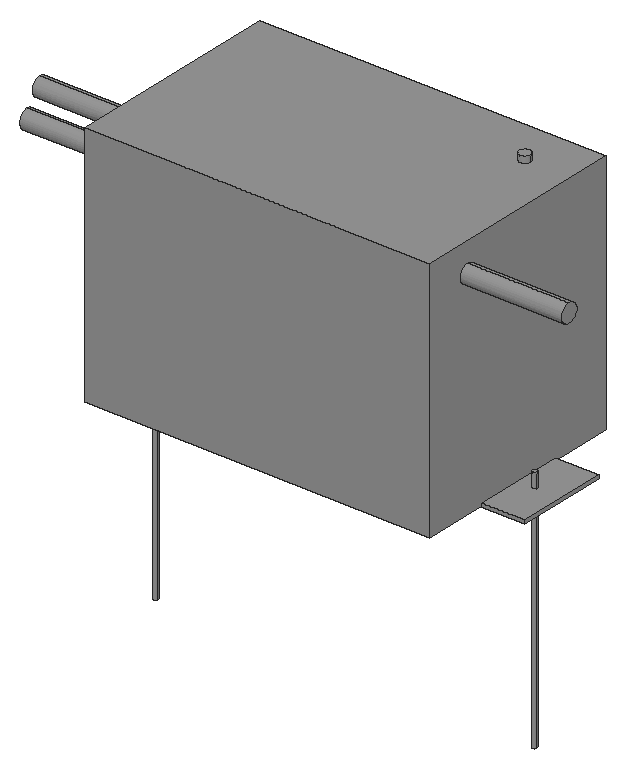
Revit family "Блок-переключатель для 3-х трубных систем EHCH-160D", category Mechanical Equipment, host Face, Revit 2016
Family settings
  Host = Face
  Part Type = Normal
  Round Connector Dimension = Use Diameter
  Cut with Voids When Loaded = No
  Shared = No
  Room Calculation Point = No
Parameters (values of type "EHCH-160D")
  Электропитание, (В) = size_lookup(Таблица электропитание, "", "Не найдено", Артикул)  # "220"
  Эл. питание(коннектор) = 220 V
  Частота сети = size_lookup(Таблица параметров, "Частота сети", 0 Hz, Артикул)  # 50 Hz
  Фаза = 1
  Таблица электропитание = "Электропитание"  # constant formula
  Ширина = size_lookup(Таблица параметров, "Ширина", 0.00 mm, Артикул)  # 301.00 mm
  Таблица частота сети = "Частота сети"  # constant formula
  Таблица наименование = "Наименование"  # constant formula
  Таблица модель = "Модель"  # constant formula
  Таблица параметров = "Таблица параметров"  # constant formula
  Соединительный патрубок трубы газообразного хладагента (низкое давление) [instance] = 15.88 mm
  Соединительный патрубок трубы газообразного хладагента (высокое давление) [instance] = 15.88 mm
  Соединительный патрубок трубы газообразного хладагента [instance] = 15.88 mm
  Расстояние от потолка [instance] = 200.00 mm
  Производитель = "Electrolux"  # constant formula
  Позиция = ""
  Watermarked By = ""
  Default Elevation = 1219.20 mm
  Наименование = size_lookup(Таблица наименование, "", "Не найдено", Артикул)  # "Блок-переключатель для 3-х трубных систем"
  Модель = size_lookup(Таблица модель, "", "Не найдено", Артикул)  # "EHCH-160D"
  Максимальный ток = size_lookup(Таблица параметров, "Максимальный ток", 0 A, Артикул)  # 0.08 A
  Максимальное кол-во подключаемых внутренних блоков, шт = size_lookup(Таблица параметров, "Максимальное количество подключаемых внутренних блоков", 0, Артикул)  # 7
  Максимальная потребляемая мощность = size_lookup(Таблица параметров, "Максимальная потребляемая мощность", 0.00 kW, Артикул)  # 0.02 kW
  Высота = size_lookup(Таблица параметров, "Высота", 0.00 mm, Артикул)  # 191.00 mm
  Глубина = size_lookup(Таблица параметров, "Глубина", 0.00 mm, Артикул)  # 214.00 mm
  Вес = size_lookup(Таблица параметров, "Вес", 0.00 kg, Артикул)  # 7.00 kg
  Артикул = 1040585
Reference planes
  plane 1 "По центру (Вперед/Назад)": y = 0
  plane 2: z = 0
  plane 3 "По центру (Влево/Вправо)": x = 0
  plane 4: x = -165
  plane 5: x = 165
  plane 6: z = 200
  plane 7: z = 215
Forms (mm)
  Extrusion 1, solid, material "Сталь окрашенная, блестящая", detail levels fine
    sketch origin (0, 0, 0) x (1, 0, 0) y (0, 1, 0)
      loop
        circle (-165, 0) r 2
      loop
        circle (165, 0) r 2
    from 0 to 215
  Extrusion 2, solid, material "Сталь окрашенная, блестящая", detail levels medium+fine
    sketch origin (-321.157, -4572, 200) x (-1, 0, 0) y (0, -1, 0)
      loop
        line (-170.657, -4612) -> (-132.657, -4612) -> (-132.657, -4532) -> (-170.657, -4532) -> (-170.657, -4612)
      loop
        line (-471.657, -4612) -> (-471.657, -4532) -> (-509.657, -4532) -> (-509.657, -4612) -> (-471.657, -4612)
    from 0 to 3
Dimensions and locks
  "Расстояние от потолка": plane 6 to host face
  locked: plane 7 to plane 6 at 15
  locked: nested 2 to nested 1 at 40
  locked: nested 1 to nested 2 at 38
  nested 3 to nested 1 = 25.00 mm
  nested 1 to nested 3 = 40.00 mm
  nested 4 to nested 1 = 39.00 mm
  nested 4 to nested 1 = 40.00 mm
  nested 5 to nested 1 = 54.00 mm
  nested 5 to nested 1 = 20.00 mm
  aligned and locked: plane 2 to host face
  aligned and locked: level to host face
  aligned and locked: plane 3 "По центру (Влево/Вправо)" to nested 1
  aligned and locked: plane 1 "По центру (Вперед/Назад)" to nested 1
  aligned and locked: plane 7 to Extrusion 1
Automatic sketch dimensions
  host sketch curve to host sketch curve = 2438.40 mm  (x2)
  plane 1 "По центру (Вперед/Назад)" to Extrusion 1 sketch curve = 0.00 mm  (x2)
  Extrusion 1 sketch curve to plane 4 = 0.00 mm
  Extrusion 1 sketch curve to plane 5 = 0.00 mm
  plane 5 to Extrusion 2 sketch curve = 23.50 mm
  Extrusion 2 sketch curve to plane 5 = 14.50 mm
  plane 4 to Extrusion 2 sketch curve = 14.50 mm
  Extrusion 2 sketch curve to plane 4 = 23.50 mm
  Extrusion 2 sketch curve to plane 1 "По центру (Вперед/Назад)" = 40.00 mm  (x2)
  plane 1 "По центру (Вперед/Назад)" to Extrusion 2 sketch curve = 40.00 mm  (x2)
  radius of Extrusion 1 sketch curve = 2.00 mm  (x2)
Nested families
  nested 1: "Корпус 160D" at (0, 0, 200), Высота блока <- "Высота", Глубина <- "Глубина", Сторона блока <- "Ширина", type "Корпус  160D"
    with Сторона блока 301.00 mm, Глубина 214.00 mm, Высота блока 191.00 mm
  nested 2: "Трубка" at (110.5, 57.5, 414) x (-1, 0, 0) z (0, 0, 1), type "Трубка"
    with Диаметр трубки 10.00 mm
  nested 3: "Трубка 89" at (150.5, -55.5, 389) x (0, 0, -1) z (1, 0, 0), Диаметр трубки <- "Соединительный патрубок трубы газообразного хладагента", type "Трубка 89", detail levels fine
    with Диаметр трубки 15.88 mm
  nested 4: "Трубка 82" at (-150.5, -55.5, 375) x (0, 0, -1) z (-1, 0, 0), Диаметр трубки <- "Соединительный патрубок трубы газообразного хладагента (низкое давление)", type "Трубка 82", detail levels fine
    with Диаметр трубки 15.88 mm
  nested 5: "Трубка 82" at (-150.5, -41.5, 394) x (0, 0, -1) z (-1, 0, 0), Диаметр трубки <- "Соединительный патрубок трубы газообразного хладагента (высокое давление)", type "Трубка 82", detail levels fine
    with Диаметр трубки 15.88 mm
Connectors
  piping at (239.5, -55.5, 389), diameter 15.88, driven by "Соединительный патрубок трубы газообразного хладагента"
    settings: on nested 3, index 1, connector inside diameter 609.6 mm, connector length 0.00 mm, flow factor 0, pipe flow 0 m³/h, pressure drop 0.0 Pa, fitting loss kfactor 0, connector angle 0.00°, fixture units 0, engagement length 0.00 mm, angle of deflection 0.00°, flow configuration 0, flow direction 0, fitting loss method 0, system type 7, joint type 0, gender type 0, connector reference index -1, connector utility 0, adjustable connector no, is connector primary yes, connector description ""
  piping at (-232.5, -41.5, 394), diameter 15.88, driven by "Соединительный патрубок трубы газообразного хладагента (высокое давление)"
    settings: on nested 5, index 2, connector inside diameter 609.6 mm, connector length 0.00 mm, flow factor 0, pipe flow 0 m³/h, pressure drop 0.0 Pa, fitting loss kfactor 0, connector angle 0.00°, fixture units 0, engagement length 0.00 mm, angle of deflection 0.00°, flow configuration 0, flow direction 0, fitting loss method 0, system type 7, joint type 0, gender type 0, connector reference index -1, connector utility 0, adjustable connector no, is connector primary no, connector description ""
  piping at (-232.5, -55.5, 375), diameter 15.88, driven by "Соединительный патрубок трубы газообразного хладагента (низкое давление)"
    settings: on nested 4, index 3, connector inside diameter 609.6 mm, connector length 0.00 mm, flow factor 0, pipe flow 0 m³/h, pressure drop 0.0 Pa, fitting loss kfactor 0, connector angle 0.00°, fixture units 0, engagement length 0.00 mm, angle of deflection 0.00°, flow configuration 0, flow direction 0, fitting loss method 0, system type 7, joint type 0, gender type 0, connector reference index -1, connector utility 0, adjustable connector no, is connector primary no, connector description ""
  electrical at (110.5, 57.5, 419), driven by "Эл. питание(коннектор)", driven by "Фаза", driven by "Максимальная потребляемая мощность"
    settings: on nested 2, index 4, voltage 220 V, apparent load 0 kW, apparent load phase1 0.02 kW, apparent load phase2 0 kW, apparent load phase3 0 kW, power factor 1, load classification "Прочее", number of poles 1, system type 31, power factor state 1, is connector primary yes, connector utility no, sub classification motor no, connector description ""
Definition of nested family "Корпус 160D"
  Parameters (values of type "Корпус  160D")
    Сторона блока [instance] = 301.00 mm
    Watermarked By = ""
    Type Comments = "﻿﻿﻿                          ​     ​ ​     ​         ﻿ ﻿ ﻿ ﻿     ﻿ ﻿                        ​ ﻿                                       ﻿                                 ​         ​     ​       ​     ​      ﻿﻿﻿"
    Keynote = "﻿﻿﻿                          ​     ​ ​     ​         ﻿ ﻿ ﻿ ﻿     ﻿ ﻿                        ​ ﻿                                       ﻿                                 ​         ​     ​       ​     ​      ﻿﻿﻿"
    Description = "﻿﻿﻿                          ​     ​ ​     ​         ﻿ ﻿ ﻿ ﻿     ﻿ ﻿                        ​ ﻿                                       ﻿                                 ​         ​     ​       ​     ​      ﻿﻿﻿"
    Default Elevation = 1219.20 mm
    Глубина [instance] = 214.00 mm
    Высота блока [instance] = 191.00 mm
    Assembly Code = "﻿﻿﻿                          ​     ​ ​     ​         ﻿ ﻿ ﻿ ﻿     ﻿ ﻿                        ​ ﻿                                       ﻿                                 ​         ​     ​       ​     ​      ﻿﻿﻿"
  Reference planes
    plane 1 "По центру (Вперед/Назад)": y = 0
    plane 2: z = 0
    plane 3 "По центру (Влево/Вправо)": x = 0
    plane 4: y = 95.5
    plane 5: y = -95.5
    plane 6: x = -150.5
    plane 7: x = 150.5
  Forms (mm)
    Extrusion 1, solid
      sketch origin (0, 0, 0) x (1, 0, 0) y (0, 1, 0)
        loop
          line (-1219.2, 1219.2) -> (-1219.2, -1219.2) -> (1219.2, -1219.2) -> (1219.2, 1219.2) -> (-1219.2, 1219.2)
      from 0 to -304.8
    Extrusion 2, solid, detail levels medium+fine
      sketch origin (0, 0, 0) x (1, 0, 0) y (0, 1, 0)
        loop
          line (-150.5, 95.5) -> (-150.5, -95.5) -> (150.5, -95.5) -> (150.5, 95.5) -> (-150.5, 95.5)
      from 0 to 214 <- "Глубина"
  Lines and regions (mm)
    model lines, detail levels coarse
      curve 1: line (150.5, -95.5, 0) -> (150.5, 95.5, 0)
      curve 2: line (150.5, 95.5, 0) -> (150.5, 95.5, 214)
      curve 3: line (150.5, 95.5, 214) -> (150.5, -95.5, 214)
      curve 4: line (150.5, -95.5, 214) -> (150.5, -95.5, 0)
      curve 5: line (-150.5, 95.5, 0) -> (-150.5, -95.5, 0)
      curve 6: line (-150.5, -95.5, 0) -> (-150.5, -95.5, 214)
      curve 7: line (-150.5, -95.5, 214) -> (-150.5, 95.5, 214)
      curve 8: line (-150.5, 95.5, 214) -> (-150.5, 95.5, 0)
      curve 9: line (-150.5, -95.5, 0) -> (150.5, -95.5, 0)
      curve 10: line (150.5, -95.5, 0) -> (150.5, -95.5, 214)
      curve 11: line (150.5, -95.5, 214) -> (-150.5, -95.5, 214)
      curve 12: line (-150.5, -95.5, 214) -> (-150.5, -95.5, 0)
      curve 13: line (-150.5, 95.5, 0) -> (150.5, 95.5, 0)
      curve 14: line (150.5, 95.5, 0) -> (150.5, 95.5, 214)
      curve 15: line (150.5, 95.5, 214) -> (-150.5, 95.5, 214)
      curve 16: line (-150.5, 95.5, 214) -> (-150.5, 95.5, 0)
  Dimensions and locks
    equal spacing: plane 6, plane 3 "По центру (Влево/Вправо)", plane 7
    "Сторона блока": plane 6 to plane 7
    equal spacing: plane 4, plane 1 "По центру (Вперед/Назад)", plane 5
    "Высота блока": plane 4 to plane 5
    aligned and locked: plane 2 to Extrusion 1
    aligned and locked: level to Extrusion 1
    aligned and locked: Extrusion 2 sketch curve to plane 4
    aligned and locked: Extrusion 2 sketch curve to plane 6
    aligned and locked: plane 5 to Extrusion 2 sketch curve
    aligned and locked: plane 7 to Extrusion 2 sketch curve
  Automatic sketch dimensions
    Extrusion 1 sketch curve to Extrusion 1 sketch curve = 2438.40 mm  (x2)
    curve 1 to Extrusion 2 = 0.00 mm  (x2)
    curve 3 to Extrusion 2 = 0.00 mm  (x2)
    curve 5 to Extrusion 2 = 0.00 mm  (x2)
    curve 7 to Extrusion 2 = 0.00 mm  (x2)
    curve 9 to Extrusion 2 = 0.00 mm  (x2)
    curve 11 to Extrusion 2 = 0.00 mm  (x2)
    curve 16 to Extrusion 2 = 0.00 mm  (x2)
    curve 15 to Extrusion 2 = 0.00 mm  (x2)
Definition of nested family "Трубка"
  Parameters (values of type "Трубка")
    Watermarked By = ""
    Type Comments = "﻿﻿﻿                          ​     ​ ​     ​         ﻿ ﻿ ﻿ ﻿     ﻿ ﻿                        ​ ﻿                                       ﻿                                 ​         ​     ​       ​     ​      ﻿﻿﻿"
    Keynote = "﻿﻿﻿                          ​     ​ ​     ​         ﻿ ﻿ ﻿ ﻿     ﻿ ﻿                        ​ ﻿                                       ﻿                                 ​         ​     ​       ​     ​      ﻿﻿﻿"
    Description = "﻿﻿﻿                          ​     ​ ​     ​         ﻿ ﻿ ﻿ ﻿     ﻿ ﻿                        ​ ﻿                                       ﻿                                 ​         ​     ​       ​     ​      ﻿﻿﻿"
    Default Elevation = 1219.20 mm
    Диаметр трубки [instance] = 10.00 mm
    Assembly Code = "﻿﻿﻿                          ​     ​ ​     ​         ﻿ ﻿ ﻿ ﻿     ﻿ ﻿                        ​ ﻿                                       ﻿                                 ​         ​     ​       ​     ​      ﻿﻿﻿"
  Reference planes
    plane 1 "По центру (Вперед/Назад)": y = 0
    plane 2: z = 0
    plane 3 "По центру (Влево/Вправо)": x = 0
  Forms (mm)
    Extrusion 1, solid
      sketch origin (0, 0, 0) x (1, 0, 0) y (0, 1, 0)
        loop
          line (-1219.2, 1219.2) -> (-1219.2, -1219.2) -> (1219.2, -1219.2) -> (1219.2, 1219.2) -> (-1219.2, 1219.2)
      from 0 to -304.8
    Extrusion 2, solid, detail levels fine
      sketch origin (0, 0, 0) x (1, 0, 0) y (0, 1, 0)
        loop
          circle (0, 0) r 5
      from 0 to 5
  Dimensions and locks
    "Диаметр трубки": diameter of Extrusion 2 sketch curve
    aligned and locked: plane 2 to Extrusion 1
    aligned and locked: level to Extrusion 1
  Automatic sketch dimensions
    Extrusion 1 sketch curve to Extrusion 1 sketch curve = 2438.40 mm  (x2)
    plane 1 "По центру (Вперед/Назад)" to Extrusion 2 sketch curve = 0.00 mm
    Extrusion 2 sketch curve to plane 3 "По центру (Влево/Вправо)" = 0.00 mm
Definition of nested family "Трубка 89"
  Parameters (values of type "Трубка 89")
    Watermarked By = ""
    Type Comments = "﻿﻿﻿                          ​     ​ ​     ​         ﻿ ﻿ ﻿ ﻿     ﻿ ﻿                        ​ ﻿                                       ﻿                                 ​         ​     ​       ​     ​      ﻿﻿﻿"
    Keynote = "﻿﻿﻿                          ​     ​ ​     ​         ﻿ ﻿ ﻿ ﻿     ﻿ ﻿                        ​ ﻿                                       ﻿                                 ​         ​     ​       ​     ​      ﻿﻿﻿"
    Description = "﻿﻿﻿                          ​     ​ ​     ​         ﻿ ﻿ ﻿ ﻿     ﻿ ﻿                        ​ ﻿                                       ﻿                                 ​         ​     ​       ​     ​      ﻿﻿﻿"
    Default Elevation = 1219.20 mm
    Диаметр трубки [instance] = 10.00 mm
    Assembly Code = "﻿﻿﻿                          ​     ​ ​     ​         ﻿ ﻿ ﻿ ﻿     ﻿ ﻿                        ​ ﻿                                       ﻿                                 ​         ​     ​       ​     ​      ﻿﻿﻿"
  Reference planes
    plane 1 "По центру (Вперед/Назад)": y = 0
    plane 2: z = 0
    plane 3 "По центру (Влево/Вправо)": x = 0
  Forms (mm)
    Extrusion 1, solid
      sketch origin (0, 0, 0) x (1, 0, 0) y (0, 1, 0)
        loop
          line (-1219.2, 1219.2) -> (-1219.2, -1219.2) -> (1219.2, -1219.2) -> (1219.2, 1219.2) -> (-1219.2, 1219.2)
      from 0 to -304.8
    Extrusion 2, solid, detail levels fine
      sketch origin (0, 0, 0) x (1, 0, 0) y (0, 1, 0)
        loop
          circle (0, 0) r 5
      from 0 to 89
  Dimensions and locks
    "Диаметр трубки": diameter of Extrusion 2 sketch curve
    aligned and locked: plane 2 to Extrusion 1
    aligned and locked: level to Extrusion 1
  Automatic sketch dimensions
    Extrusion 1 sketch curve to Extrusion 1 sketch curve = 2438.40 mm  (x2)
    plane 1 "По центру (Вперед/Назад)" to Extrusion 2 sketch curve = 0.00 mm
    Extrusion 2 sketch curve to plane 3 "По центру (Влево/Вправо)" = 0.00 mm
Definition of nested family "Трубка 82"
  Parameters (values of type "Трубка 82")
    Watermarked By = ""
    Type Comments = "﻿﻿﻿                          ​     ​ ​     ​         ﻿ ﻿ ﻿ ﻿     ﻿ ﻿                        ​ ﻿                                       ﻿                                 ​         ​     ​       ​     ​      ﻿﻿﻿"
    Keynote = "﻿﻿﻿                          ​     ​ ​     ​         ﻿ ﻿ ﻿ ﻿     ﻿ ﻿                        ​ ﻿                                       ﻿                                 ​         ​     ​       ​     ​      ﻿﻿﻿"
    Description = "﻿﻿﻿                          ​     ​ ​     ​         ﻿ ﻿ ﻿ ﻿     ﻿ ﻿                        ​ ﻿                                       ﻿                                 ​         ​     ​       ​     ​      ﻿﻿﻿"
    Default Elevation = 1219.20 mm
    Диаметр трубки [instance] = 10.00 mm
    Assembly Code = "﻿﻿﻿                          ​     ​ ​     ​         ﻿ ﻿ ﻿ ﻿     ﻿ ﻿                        ​ ﻿                                       ﻿                                 ​         ​     ​       ​     ​      ﻿﻿﻿"
  Reference planes
    plane 1 "По центру (Вперед/Назад)": y = 0
    plane 2: z = 0
    plane 3 "По центру (Влево/Вправо)": x = 0
  Forms (mm)
    Extrusion 1, solid
      sketch origin (0, 0, 0) x (1, 0, 0) y (0, 1, 0)
        loop
          line (-1219.2, 1219.2) -> (-1219.2, -1219.2) -> (1219.2, -1219.2) -> (1219.2, 1219.2) -> (-1219.2, 1219.2)
      from 0 to -304.8
    Extrusion 2, solid, detail levels fine
      sketch origin (0, 0, 0) x (1, 0, 0) y (0, 1, 0)
        loop
          circle (0, 0) r 5
      from 0 to 82
  Dimensions and locks
    "Диаметр трубки": diameter of Extrusion 2 sketch curve
    aligned and locked: plane 2 to Extrusion 1
    aligned and locked: level to Extrusion 1
  Automatic sketch dimensions
    Extrusion 1 sketch curve to Extrusion 1 sketch curve = 2438.40 mm  (x2)
    plane 1 "По центру (Вперед/Назад)" to Extrusion 2 sketch curve = 0.00 mm
    Extrusion 2 sketch curve to plane 3 "По центру (Влево/Вправо)" = 0.00 mm
